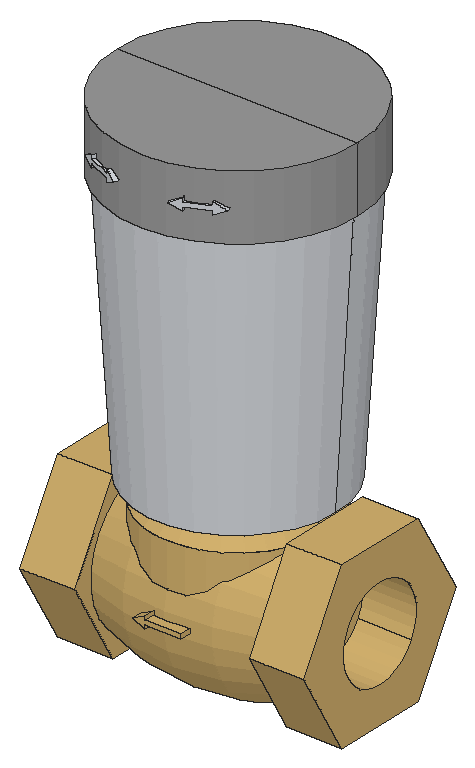
Revit family "34. Plumbing_Fixtures_Grohe_Concealed_valve_29032000", category Pipe Accessories, Revit 2014
Parameters (values of type "Concealed valve - 29032000")
  _distributed by = "www.bimstore.co.uk"
  _current revision = 1  # constant formula
  _created by = "Joe Shaw"
  _authorized by = ""
  _BIMspec_GUID = 0
  WarrantyStartDate [instance] = ""
  WarrantyGuarantorParts = ""
  WarrantyGuarantorLabor = ""
  WarrantyDurationUnit = "Years"  # constant formula
  WarrantyDurationParts = ""
  WarrantyDurationLabor = ""
  WarrantyDescription = ""
  Valve Material = Red Brass Rg5
  URL = "http://www.grohe.com/"
  TypeName = Model  # "Concealed valve - 29032000"
  Type Comments = "Grohe Ondus Concealed valve"
  TagNumber = Model  # "Concealed valve - 29032000"
  SpareParts = ""
  Spare Parts List = "http://www.grohe.co.uk/en_gb/grohe-ondus-concealed-valve-29032000.html"
  Size = ""
  Shape = ""
  SerialNumber [instance] = ""
  ReplacementCost = ""
  ReferencedStandard = ""
  ProductionYear = "2015"  # constant formula
  Product Page Link = "http://www.grohe.co.uk/en_gb/grohe-ondus-concealed-valve-29032000.html"
  Product Documentation Link = ""
  NBSReference = "90-15-40/323"  # constant formula
  NBSObjectName = "Check valves"  # constant formula
  NBSNote = ""
  NBSDescription = "Check valves"  # constant formula
  ModelNumber = "29032000"  # constant formula
  Model = "Concealed valve - 29032000"  # constant formula
  Material = "DR-brass"  # constant formula
  Manufacturer Address = "GROHE Limited, World Business Centre 2, Newall Road, London Heathrow Airport, Hounslow, Middlesex, TW6 2SF"  # constant formula
  Manufacturer = "Grohe AG"  # constant formula
  Loss Method = K Coefficient
  Keynote = "S90/620"
  K Coefficient = 0
  InstallationDate [instance] = ""
  Nut Diameter = 37.6 mm
  Handle Height = 80 mm
  Handle Dia = 55 mm
  Grade = ""
  Finish = "No finish"  # constant formula
  Features = "Installation depth adjustable 43 - 91 mm "  # constant formula
  Extidentifier = ""
  ExpectedLife = 0
  Ecojoy = no
  DurationUnit = ""
  DocumentationTechnical = "http://cdn08.grohe.com/lib/1/tpi/1533534.pdf"
  DocumentationMaintenance = ""
  DocumentationLiterature = "http://cdn08.grohe.com/lib/1/tpi/1533534.pdf"
  DocumentationInstallationGuide = "http://cdn08.grohe.com/lib/1/tpi/1533534.pdf"
  DocumentationCertificates = ""
  Description = "Concealed valve, pre-assembled headpart 1/2\", threaded union 1/2\", installation depth adjustable 43 - 91 mm DR-brass min. recommended pressure 1.0 bar model"
  CreatedOn = "December 2015"  # constant formula
  CreatedBy = "info-uk@grohe.com"  # constant formula
  Constituents = ""
  Connection Size Radius = Connection Diameter / 2  # 10.625 mm
  Nut Thickness = (65 mm - Body Width) / 2  # 12.5 mm
  Connection Diameter = 21.25 mm
  Color = "Bronze"  # constant formula
  CodePerformance = ""
  ClassificationValue = "Pr_65_54_40_13"  # constant formula
  ClassificationName = "Uniclass2015"  # constant formula
  Cap Material = UHMW, Black
  Body Width = 40 mm
  Body Radius = 55 mm
  Body Curve Centre = 34 mm
  BarCode [instance] = ""
  AssetType = "Fixed"  # constant formula
  AssetIdentifier [instance] = ""
  Assembly Code = "D20"
  Adjustable Depth = 43 mm
  AccessibilityPerformance = ""
Reference planes
  plane 1 "Center (Front/Back)": y = 0
  plane 2: z = 0
  plane 3 "Center (Left/Right)": x = 0
  plane 4: x = -32.5
  plane 5: x = 32.5
  plane 6: x = -20
  plane 7: x = 20
  plane 8: y = -19.74
  plane 9: y = -21.161
  plane 10: z = -61.8
  plane 11: z = -27.8
  plane 12: z = -43
  plane 13: z = -80.6
  plane 14: z = 37
  plane 15: x = 27.5
  plane 16: x = -27.5
  plane 17: z = 22
  plane 18: x = -26.5
  plane 19: x = 26.5
  plane 20: x = -22.5
  plane 21: z = -40.5
  plane 22: z = 29.5
Forms (mm)
  Revolve 1, solid, material "Red Brass Rg5" <- "Valve Material", detail levels fine
    sketch origin (0, 0, 0) x (1, 0, 0) y (0, 0, 1)
      loop
        line (-20, -61.8) -> (-20, -79.035)
        arc (-20, -79.035) -> (0, -82.8) -> (20, -79.035) r 55
        line (20, -79.035) -> (20, -61.8) -> (-20, -61.8)
      axis (-20, -61.8) -> (20, -61.8)
    angle from 0 to 360
  Revolve 2, solid, material "Red Brass Rg5" <- "Valve Material"
    sketch origin (0, 0, 0) x (1, 0, 0) y (0, 0, 1)
      loop
        line (0, -40.5) -> (-15, -40.5) -> (-20, -45.5) -> (-20, -61.8) -> (0, -61.8) -> (0, -40.5)
      axis (0, -40.5) -> (0, -61.8)
    angle from 0 to 360
  Revolve 3, solid, material "UHMW, Black" <- "Cap Material"
    sketch origin (0, 0, 0) x (1, 0, 0) y (0, 0, 1)
      loop
        line (0, 22) -> (0, 37) -> (-27.5, 37) -> (-27.5, 22) -> (0, 22)
      axis (0, 37) -> (0, 22)
    angle from 0 to 360
  Revolve 4, solid
    sketch origin (0, 0, 0) x (1, 0, 0) y (0, 0, 1)
      loop
        line (0, -40.5) -> (0, 22) -> (-26.5, 22) -> (-22.5, -40.5) -> (0, -40.5)
      axis (0, 22) -> (0, -40.5)
    angle from 0 to 360
Lines and regions (mm)
  reference lines
    curve 1: line (-32.5, 0, -61.8) -> (32.5, 0, -61.8)
Dimensions and locks
  equal spacing: plane 5, plane 3 "Center (Left/Right)", plane 4
  locked: plane 5 to plane 4 at 65
  equal spacing: plane 7, plane 3 "Center (Left/Right)", plane 6
  "Body Width": plane 7 to plane 6
  plane 8 to plane 1 "Center (Front/Back)" = 19.74 mm
  locked: plane 8 to plane 9 at 1.421
  "Body Curve Centre": plane 11 to plane 10
  equal spacing: plane 12, plane 10, plane 13
  "Nut Diameter": plane 12 to plane 13
  "Adjustable Depth": plane 2 to plane 12
  "Handle Height": plane 14 to plane 12
  "Handle Dia": plane 16 to plane 15
  equal spacing: plane 15, plane 3 "Center (Left/Right)", plane 16
  locked: plane 14 to plane 17 at 15
  locked: plane 16 to plane 18 at 1
  locked: plane 15 to plane 19 at 1
  locked: plane 20 to plane 6 at 2.5
  locked: plane 21 to plane 12 at 2.5
  locked: plane 12 to Revolve 2 sketch curve at 2.5
  equal spacing: plane 14, plane 22, plane 17
  "Body Radius": radius of Revolve 1 sketch curve
  aligned and locked: level to plane 2
  aligned and locked: plane 5 to curve 1
  aligned and locked: plane 1 "Center (Front/Back)" to curve 1
  aligned and locked: plane 4 to curve 1
  aligned and locked: plane 1 "Center (Front/Back)" to nested 1
  aligned and locked: plane 1 "Center (Front/Back)" to nested 2
  aligned and locked: plane 4 to nested 1
  aligned and locked: plane 5 to nested 2
  aligned and locked: plane 3 "Center (Left/Right)" to Revolve 1 sketch curve
  aligned and locked: Revolve 1 sketch curve to plane 7
  aligned and locked: nested 3 to plane 3 "Center (Left/Right)"
  aligned and locked: nested 3 to plane 10
  aligned and locked: plane 10 to nested 1
  aligned and locked: plane 10 to nested 2
  aligned and locked: plane 11 to Revolve 1 sketch curve
  aligned and locked: Revolve 1 sketch curve to plane 10  (x2)
  aligned and locked: Revolve 2 sketch curve to plane 3 "Center (Left/Right)"  (x2)
  aligned and locked: plane 21 to Revolve 2 sketch curve
  aligned and locked: Revolve 2 sketch curve to plane 10
  aligned and locked: Revolve 2 sketch curve to plane 6
  aligned and locked: plane 17 to Revolve 3 sketch curve
  aligned and locked: Revolve 3 sketch curve to plane 14
  aligned and locked: Revolve 3 sketch curve to plane 3 "Center (Left/Right)"  (x2)
  aligned and locked: Revolve 3 sketch curve to plane 16
  aligned and locked: nested 4 to plane 22
  aligned and locked: nested 5 to plane 22
  aligned and locked: plane 21 to Revolve 4 sketch curve
  aligned and locked: Revolve 4 sketch curve to plane 3 "Center (Left/Right)"  (x2)
  aligned and locked: Revolve 4 sketch curve to plane 17
  aligned and locked: plane 20 to Revolve 4 sketch curve
  aligned and locked: plane 18 to Revolve 4 sketch curve
Automatic sketch dimensions
  plane 13 to Revolve 3 sketch curve = 300.4 mm
  Revolve 3 sketch curve to Revolve 3 sketch curve = 290.47 mm
  plane 6 to Revolve 2 sketch curve = 5 mm
  plane 13 to Revolve 2 sketch curve = 300.4 mm
  plane 14 to Revolve 2 sketch curve = 290.47 mm
  plane 13 to Revolve 4 sketch curve = 300.4 mm
  plane 14 to Revolve 4 sketch curve = 290.47 mm
  Revolve 1 sketch curve to plane 6 = 0 mm
  Revolve 1 sketch curve to plane 4 = 206.631 mm
  plane 5 to Revolve 1 sketch curve = 277.296 mm
Nested families
  nested 1: "Connection_Hex" at (-26.25, 0, -61.8), type "Connection_Hex", detail levels fine
    with Connection Size Radius 10.625 mm
  nested 2: "Connection_Hex" at (26.25, 0, -61.8), type "Connection_Hex", detail levels fine
    with Connection Size Radius 10.625 mm
  nested 3: "Flow_Direction" at (0, -21.161, -61.8) x (-1, 0, 0) z (0, 1, 0), type "Flow_Direction", detail levels fine
  nested 4: "Double_Arrow_Direction" at (-10.904, -25.246, 29.5) x (0.918, -0.3965, 0) z (-0.3965, -0.918, 0), type "Double_Arrow_Direction"
  nested 5: "Double_Arrow_Direction" at (11.145, -25.14, 29.5) x (0.9142, 0.4053, 0) z (0.4053, -0.9142, 0), type "Double_Arrow_Direction"
Connectors
  piping at (-20, 0, -61.8), diameter 21.25, driven by "Connection Size Radius"
    settings: on nested 1, index 1, connector inside diameter 609.6 mm, connector length 0 mm, flow factor 0, pipe flow 0.0 L/s, pressure drop 0.0 Pa, fitting loss kfactor 0, connector angle 0.00°, fixture units 0, engagement length 0 mm, angle of deflection 0.00°, flow configuration 0, flow direction 1, fitting loss method 0, system type 7, joint type 0, gender type 0, connector reference index -1, connector utility 0, adjustable connector no, is connector primary yes, connector description ""
  piping at (20, 0, -61.8), diameter 21.25, driven by "Connection Size Radius"
    settings: on nested 2, index 2, connector inside diameter 609.6 mm, connector length 0 mm, flow factor 0, pipe flow 0.0 L/s, pressure drop 0.0 Pa, fitting loss kfactor 0, connector angle 0.00°, fixture units 0, engagement length 0 mm, angle of deflection 0.00°, flow configuration 0, flow direction 2, fitting loss method 0, system type 7, joint type 0, gender type 0, connector reference index -1, connector utility 0, adjustable connector no, is connector primary no, connector description ""
Definition of nested family "Connection_Hex"
  Parameters (values of type "Connection_Hex")
    Valve Material = none
    Thickness = 12.5 mm
    Diameter = 37.6 mm
    Connection Size Radius = 10 mm
  Reference planes
    plane 1 "Center (Front/Back)": y = 0
    plane 2: z = 0
    plane 3 "Center (Left/Right)": x = 0
    plane 4: through (4267.2, 24.802, 80.558) normal (0, 0.866, -0.5)
    plane 5: through (4267.2, 57.364, 61.758) normal (0, 0.866, -0.5)
    plane 6: z = 18.8
    plane 7: through (4267.2, -70.491, 84.494) normal (0, 0.866, 0.5)
    plane 8: through (4267.2, 70.491, -84.494) normal (0, -0.866, -0.5)
    plane 9: z = -18.8
    plane 10: through (4267.2, 0, 0) normal (0, -0.866, -0.5)
    plane 11: x = -6.25
    plane 12: x = 6.25
    plane 13: through (4267.2, 0, 0) normal (0, 0.866, -0.5)
  Forms (mm)
    Extrusion 1, solid, material <- "Valve Material"
      sketch origin (0, 0, 0) x (0, 0.866025, -0.5) y (0, 0.5, 0.866025)
        loop
          line (18.8, 10.854) -> (0, 21.708) -> (-18.8, 10.854) -> (-18.8, -10.854) -> (0, -21.708) -> (18.8, -10.854) -> (18.8, 10.854)
        loop
          circle (0, 0) r 10
      from -6.25 to 6.25
  Lines and regions (mm)
    reference lines
      curve 1: line (-6.25, 0, 0) -> (6.25, 0, 0)
  Dimensions and locks
    equal spacing: plane 12, plane 3 "Center (Left/Right)", plane 11
    "Thickness": plane 12 to plane 11
    "Diameter": plane 4 to plane 5
    equal spacing: plane 9, level, plane 6
    "Diameter": plane 6 to plane 9
    equal spacing: plane 7, plane 10, plane 8
    "Diameter": plane 8 to plane 7
    equal spacing: plane 5, plane 13, plane 4
    "Connection Size Radius": radius of Extrusion 1 sketch curve
    aligned and locked: level to plane 2
    aligned and locked: plane 8 to Extrusion 1 sketch curve
    aligned and locked: Extrusion 1 sketch curve to plane 6
    aligned and locked: Extrusion 1 sketch curve to plane 4
    aligned and locked: plane 7 to Extrusion 1 sketch curve
    aligned and locked: Extrusion 1 sketch curve to plane 9
    aligned and locked: Extrusion 1 sketch curve to plane 5
    aligned and locked: level to Extrusion 1 sketch curve
    aligned and locked: plane 1 "Center (Front/Back)" to Extrusion 1 sketch curve
    aligned and locked: Extrusion 1 to plane 11
    aligned and locked: plane 12 to Extrusion 1
    aligned and locked: plane 11 to curve 1
    aligned and locked: plane 12 to curve 1
    aligned and locked: curve 1 to plane 2
Definition of nested family "Flow_Direction"
  Parameters (values of type "Flow_Direction")
    height = 0.5 mm
    depth = 2 mm
    Width = Height + 13 mm  # 213 mm
    Material = none
    Height = 200 mm
    Default Elevation = 1219.2 mm
  Reference planes
    plane 1 "Center (Front/Back)": y = 0
    plane 2: z = 0
    plane 3 "Center (Left/Right)": x = 0
    plane 4: x = 91
    plane 5: z = -2
    plane 6: z = 0.5
    plane 7: x = -5.529
    plane 8: x = 5.529
    plane 9: x = 2.765
  Forms (mm)
    Extrusion 1, solid
      sketch origin (0, 0, 0) x (1, 0, 0) y (0, 1, 0)
        loop
          line (-1219.2, 1219.2) -> (-1219.2, -1219.2) -> (1219.2, -1219.2) -> (1219.2, 1219.2) -> (-1219.2, 1219.2)
      from 0 to -304.8
    Extrusion 2, solid, material <- "Material"
      sketch origin (0, 0, 0) x (1, 0, 0) y (0, 1, 0)
        loop
          line (-5.529, 0.507) -> (-5.529, -0.507) -> (2.765, -0.507) -> (2.765, -1.307) -> (5.529, 0) -> (2.765, 1.307) -> (2.765, 0.507) -> (-5.529, 0.507)
      from -2 to 0.5
  Dimensions and locks
    "depth": Extrusion 1 to plane 5
    "height": plane 6 to Extrusion 1
    equal spacing: plane 7, plane 3 "Center (Left/Right)", plane 8
    equal spacing: plane 3 "Center (Left/Right)", plane 9, plane 8
    equal spacing: Extrusion 2 sketch curve, plane 1 "Center (Front/Back)", Extrusion 2 sketch curve
    plane 1 "Center (Front/Back)" to Extrusion 2 sketch curve = 1.307 mm
    aligned and locked: plane 2 to Extrusion 1
    aligned and locked: level to Extrusion 1
    aligned and locked: Extrusion 2 to plane 5
    aligned and locked: plane 6 to Extrusion 2
    aligned and locked: plane 7 to Extrusion 2
  Automatic sketch dimensions
    Extrusion 1 sketch curve to Extrusion 1 sketch curve = 2438.4 mm  (x2)
    Extrusion 2 sketch curve to plane 7 = 0 mm
    Extrusion 2 sketch curve to plane 9 = 0 mm  (x2)
    plane 1 "Center (Front/Back)" to Extrusion 2 sketch curve = 0 mm
    Extrusion 2 sketch curve to plane 8 = 0 mm
    Extrusion 2 sketch curve to Extrusion 2 sketch curve = 0.8 mm  (x2)
Definition of nested family "Double_Arrow_Direction"
  Parameters (values of type "Double_Arrow_Direction")
    height = 0.5 mm
    depth = 2 mm
    Width = Height + 13 mm  # 213 mm
    Material = none
    Height = 200 mm
    Default Elevation = 1219.2 mm
  Reference planes
    plane 1 "Center (Front/Back)": y = 0
    plane 2: z = 0
    plane 3 "Center (Left/Right)": x = 0
    plane 4: x = 91
    plane 5: z = -2
    plane 6: z = 0.5
    plane 7: x = -5.529
    plane 8: x = 5.529
    plane 9: x = 2.765
    plane 10: x = -2.765
  Forms (mm)
    Extrusion 1, solid
      sketch origin (0, 0, 0) x (1, 0, 0) y (0, 1, 0)
        loop
          line (-1219.2, 1219.2) -> (-1219.2, -1219.2) -> (1219.2, -1219.2) -> (1219.2, 1219.2) -> (-1219.2, 1219.2)
      from 0 to -304.8
    Extrusion 2, solid, material <- "Material"
      sketch origin (0, 0, 0) x (1, 0, 0) y (0, 1, 0)
        loop
          line (-2.765, 0.507) -> (-2.765, 1.307) -> (-5.529, 0) -> (-2.765, -1.307) -> (-2.765, -0.507) -> (2.765, -0.507) -> (2.765, -1.307) -> (5.529, 0) -> (2.765, 1.307) -> (2.765, 0.507) -> (-2.765, 0.507)
      from -2 to 0.5
  Dimensions and locks
    "depth": Extrusion 1 to plane 5
    "height": plane 6 to Extrusion 1
    equal spacing: plane 7, plane 3 "Center (Left/Right)", plane 8
    equal spacing: plane 3 "Center (Left/Right)", plane 9, plane 8
    equal spacing: Extrusion 2 sketch curve, plane 1 "Center (Front/Back)", Extrusion 2 sketch curve
    equal spacing: plane 3 "Center (Left/Right)", plane 10, plane 7
    aligned and locked: plane 2 to Extrusion 1
    aligned and locked: level to Extrusion 1
    aligned and locked: Extrusion 2 to plane 5
    aligned and locked: plane 6 to Extrusion 2
    aligned and locked: plane 10 to Extrusion 2 sketch curve
    aligned and locked: Extrusion 2 sketch curve to plane 10
    aligned and locked: Extrusion 2 sketch curve to plane 9
    aligned and locked: plane 9 to Extrusion 2 sketch curve
  Automatic sketch dimensions
    Extrusion 1 sketch curve to Extrusion 1 sketch curve = 2438.4 mm  (x2)
    plane 1 "Center (Front/Back)" to Extrusion 2 sketch curve = 0 mm  (x2)
    Extrusion 2 sketch curve to plane 7 = 0 mm
    Extrusion 2 sketch curve to plane 8 = 0 mm
    plane 1 "Center (Front/Back)" to Extrusion 2 sketch curve = 0.507 mm
    Extrusion 2 sketch curve to Extrusion 2 sketch curve = 0.8 mm  (x4)
